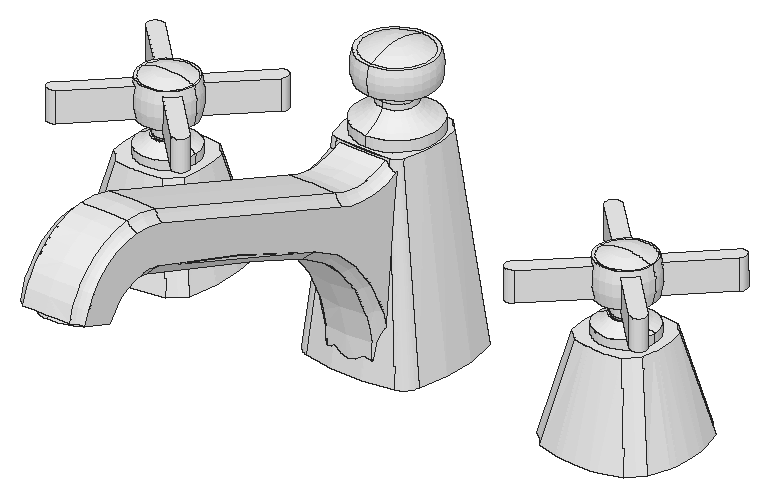
Revit family "Faucet-Bath_Deck-Mount_Traditional_Guinevere_TB970DD_TOTO", category Plumbing Fixtures, Revit 2013
Parameters (values of type "TB970DD")
  ecoScorecard_data = " "
  ecoScorecard Product Page = "  "
  Width [instance] = Handle Spread Distance + 2 3/4"  # 11 3/4"
  Water Connection Radius = Water Connection Diameter / 2  # 1/4"
  Water Connection Diameter = 1/2"
  Waste Connection Radius = 0"
  Waste Connection = no
  Warranty URL = "http://www.totousa.com/warranty-registration"
  Warranty = "Lifetime Limited Warranty (Residential Use); One Year (Oil Rubbed Bronze); One Year Limited (Commercial Use)"  # constant formula
  WFU = 0
  Voltage = 0 V
  Vent Connection = no
  URL = "http://www.totousa.com"
  Toto BIM Number = "BM-00205"  # constant formula
  Subcategory = "Faucets"  # constant formula
  Style = "Traditional"  # constant formula
  Spec Sheet URL = "http://assets.totousa.com/product-files/SS-00325_TB970DD.pdf"
  Sink Holes Applications = ""
  Shipping Weight = 12.00 lbf
  Series = "Guinevere"  # constant formula
  Sensor Detection Time = ""
  Sensor Detection Range = ""
  Sensor Activation Time = ""
  Product Page URL = " "
  Product Line = ""
  Parts Manual URL = " "
  Owners Manual URL = "  "
  Number of Poles = 1
  Mount Type = ""
  Model = "TB970DD"  # constant formula
  Method of Operation = ""
  Manufacturer Toll Free Phone = "1-888-295-8134"  # constant formula
  Manufacturer Phone = "(770) 282-8686"  # constant formula
  Manufacturer Fax = "(770) 282-0002"  # constant formula
  Manufacturer Email = "mailto:custservice@totousa.com"
  Manufacturer Address = "1155 Southern Road, Morrow, Georgia 30260"  # constant formula
  Manufacturer = "TOTO USA, Inc."  # constant formula
  Installation URL = " "
  Industry Standards = ""
  Hot Water Connection NPT Radius = Hot Water Connection Diameter / 2  # 1/4"
  Hot Water Connection Diameter = 1/2"
  Height = 5 1/2"  # constant formula
  Handle Spread Distance = 9"
  HWFU = 0
  HW Connection = yes
  Frequency = 0 Hz
  Flow Rate = 0 GPM
  Flow Pressure [instance] = 0.00 psi
  Finish = Metal - TOTO - Chrome - Polished
  Description = "Deck-Mount Bath Faucet"  # constant formula
  Depth = 10"  # constant formula
  Default Elevation = 48"
  Current = 0 A
  Cost Info = "mailto:custservice@totousa.com "
  Color Availability = "#CP Polished Chrome, #BN Brushed Nickel, #PN Polished Nickel, #RB Oil Rubbed Bronze"  # constant formula
  CWFU = 0
  CW Connection = yes
  CAD Drawing URL = "http://assets.totousa.com/product-files/AD-00001_TB970DD.dxf"
  Assembly Code = "D2010"
  Apparent Power = 0 VA
  ADA Compliant = no
  95 CSI = "15416"
  04 CSI = "22 41 39"
Reference planes
  plane 1 "Center (Front/Back)": y = 0
  plane 2: z = 0
  plane 3 "Center (Left/Right)": x = 0
  plane 4: x = 114.3
  plane 5: x = -114.3
  plane 6: y = 31.75
  plane 7: z = 96.5
  plane 8: y = -219.075
  plane 9: z = 45.55
  plane 10: z = 82.55
  plane 11: z = 70.55
  plane 12: z = 139.7
  plane 13: z = -3.175
  plane 14: z = 3.175
  plane 15: x = 149.225
  plane 16: x = 79.375
  plane 17: x = -149.225
  plane 18: x = -79.375
  plane 19: y = 34.925
  plane 20: y = -206.375
Dimensions and locks
  locked: plane 1 "Center (Front/Back)" to plane 6 at 31.75
  equal spacing: plane 5, plane 3 "Center (Left/Right)", plane 4
  "Handle Spread Distance": plane 5 to plane 4
  plane 8 to plane 6 = 9 7/8"
  "Height": plane 12 to plane 2
  locked: plane 2 to plane 13 at 3.175
  locked: plane 14 to plane 2 at 3.175
  plane 10 to plane 11 to plane 9 = 0.47244" locked, 0.98425" locked
  locked: plane 10 to plane 2 at 82.55
  locked: plane 1 "Center (Front/Back)" to plane 19 at 34.925
  plane 8 to plane 19 = 10"
  plane 17 to plane 5 to plane 18 = 1 3/8" locked, 1 3/8" locked
  plane 15 to plane 4 to plane 16 = 1 3/8" locked, 1 3/8" locked
  locked: plane 20 to plane 1 "Center (Front/Back)" at 206.375
  aligned and locked: plane 3 "Center (Left/Right)" to nested 1
  aligned and locked: plane 1 "Center (Front/Back)" to nested 1
  aligned and locked: nested 1 to plane 2
Nested families
  nested 1: "TB970DD" at (0, 0, 0), type "TB970DD"
    with Width 11 3/4", Flow Pressure 0.00 psi
Connectors
  piping at (-114.3, 0, -3.175), driven by "Flow Rate", driven by "Flow Pressure", driven by "HWFU", driven by "Hot Water Connection NPT Radius"
    settings: on nested 1, index 1, connector radius 1/4", flow factor 0, pipe flow 0 GPM, pressure drop 0.00 psi, fitting loss kfactor 0, connector angle 0.00°, fixture units 0, engagement length 0", flow configuration 3, flow direction 1, fitting loss method 4, system type 19, joint type 0, gender type 0, connector reference index -1, connector utility 0, adjustable connector no, is connector primary yes, fitting loss table "", connector description "Hot Water Inlet Connection"
  piping at (114.3, 0, -3.175), driven by "Flow Rate", driven by "CWFU", driven by "Flow Pressure", driven by "Water Connection Radius"
    settings: on nested 1, index 2, connector radius 1/4", flow factor 0, pipe flow 0 GPM, pressure drop 0.00 psi, fitting loss kfactor 0, connector angle 0.00°, fixture units 0, engagement length 0", flow configuration 3, flow direction 1, fitting loss method 4, system type 20, joint type 0, gender type 0, connector reference index -1, connector utility 0, adjustable connector no, is connector primary no, fitting loss table "", connector description "Cold Water Inlet Connection"
Definition of nested family "TB970DD"
  Parameters (values of type "TB970DD")
    ecoScorecard_data = ""
    ecoScorecard Product Page = ""
    Width [instance] = Handle Spread Distance + 2 3/4"  # 11 3/4"
    Water Connection Radius = Water Connection Diameter / 2  # 1/4"
    Water Connection Diameter = 1/2"
    Waste Connection Radius = 0"
    Waste Connection = no
    Warranty URL = "http://www.totousa.com/Support/WarrantyInformation.aspx"
    Warranty = "Lifetime Limited Warranty (Residential Use); One Year (Oil Rubbed Bronze); One Year Limited (Commercial Use)"  # constant formula
    WFU = 0
    Voltage = 0 V
    Vent Connection = no
    URL = "http://www.totousa.com"
    Toto BIM Number = "BM-00205"  # constant formula
    Subcategory = "Faucets"  # constant formula
    Style = "Traditional"  # constant formula
    Spec Sheet URL = "http://www.totousa.com/Portals/0/ProductDownloads/SS-00325_TB970DD.pdf"
    Sink Holes Applications = ""
    Shipping Weight = 12.00 lbf
    Series = "Guinevere"  # constant formula
    Sensor Detection Time = ""
    Sensor Detection Range = ""
    Sensor Activation Time = ""
    Product Page URL = "http://www.totousa.com/ProductDetail.aspx?ProductID=253"
    Product Line = ""
    Parts Manual URL = "http://www.totousa.com/Portals/0/ProductDownloads/PD-00091_TB970DD.pdf"
    Owners Manual URL = "http://www.totousa.com/Portals/0/ProductDownloads/0GU4069_GUINEVERE_DECK-MOUNTED_BATH_FAUCET_TRIM_Web_IM_OM.pdf"
    Number of Poles = 1
    Mount Type = ""
    Model = "TB970DD"  # constant formula
    Method of Operation = ""
    Manufacturer Toll Free Phone = "1-888-295-8134"  # constant formula
    Manufacturer Phone = "(770) 282-8686"  # constant formula
    Manufacturer Fax = "(770) 282-0002"  # constant formula
    Manufacturer Email = "mailto:custservice@totousa.com"
    Manufacturer Address = "1155 Southern Road, Morrow, Georgia 30260"  # constant formula
    Manufacturer = "TOTO USA, Inc."  # constant formula
    Installation URL = ""
    Industry Standards = ""
    Hot Water Connection NPT Radius = Hot Water Connection Diameter / 2  # 1/4"
    Hot Water Connection Diameter = 1/2"
    Height = 5 1/2"  # constant formula
    Handle Spread Distance = 9"
    HWFU = 0
    HW Connection = yes
    Frequency = 0 Hz
    Flow Rate = 0 GPM
    Flow Pressure [instance] = 0.00 psi
    Finish = Metal - TOTO - Chrome - Polished
    Description = "Deck-Mount Bath Faucet"  # constant formula
    Depth = 10"  # constant formula
    Default Elevation = 48"
    Current = 0 A
    Cost Info = "mailto:custservice@totousa.com "
    Color Availability = "#CP Polished Chrome, #BN Brushed Nickel, #PN Polished Nickel, #RB Oil Rubbed Bronze"  # constant formula
    CWFU = 0
    CW Connection = yes
    CAD Drawing URL = "http://www.totousa.com/Portals/0/ProductDownloads/AD-00001_TB970DD.dxf"
    Assembly Code = "D2010900"
    Apparent Power = 0 VA
    Ambient Temperature = ""
    ADA Compliant = no
  Reference planes
    plane 1 "Center (Front/Back)": y = 0
    plane 2: z = 0
    plane 3 "Center (Left/Right)": x = 0
    plane 4: x = 114.3
    plane 5: x = -114.3
    plane 6: y = 31.75
    plane 7: z = 96.5
    plane 8: y = -219.075
    plane 9: z = 45.55
    plane 10: z = 82.55
    plane 11: z = 70.55
    plane 12: z = 139.7
    plane 13: z = -3.175
    plane 14: z = 3.175
    plane 15: x = 149.225
    plane 16: x = 79.375
    plane 17: x = -149.225
    plane 18: x = -79.375
    plane 19: y = 34.925
    plane 20: y = -206.375
  Forms (mm)
    SweptBlend 1, solid, material "Metal - TOTO - Chrome - Polished" <- "Finish"
      path origin (0, 0, 0) x (0, 1, 0) y (0, 0, 1)
        loop
          line (0, 0) -> (0, 96.5)
      profile origin (0, 0, 0) x (0, -1, 0) y (1, 0, 0)
        loop
          arc (-21.841, -28.841) -> (-0.023, -31.75) -> (21.797, -28.853) r 83.453
          arc (21.797, -28.853) -> (26.266, -26.266) -> (28.853, -21.797) r 10.021
          arc (28.853, -21.797) -> (31.75, 0) -> (28.853, 21.797) r 83.453
          arc (28.853, 21.797) -> (26.266, 26.266) -> (21.797, 28.853) r 10.021
          arc (21.797, 28.853) -> (-0.023, 31.75) -> (-21.841, 28.841) r 83.453
          arc (-21.841, 28.841) -> (-25.019, 25.019) -> (-28.841, 21.841) r 27.1
          arc (-28.841, 21.841) -> (-31.75, 0) -> (-28.841, -21.841) r 83.453
          arc (-28.841, -21.841) -> (-25.019, -25.019) -> (-21.841, -28.841) r 27.1
      end profile origin (0, 0, 96.5) x (0, -1, 0) y (1, 0, 0)
        loop
          arc (-18.961, 12.576) -> (-20.35, 0) -> (-18.961, -12.576) r 57.65
          arc (-18.961, -12.576) -> (-15.492, -15.492) -> (-12.576, -18.961) r 26.2
          arc (-12.576, -18.961) -> (2.584, -20.292) -> (17.564, -17.609) r 57.65
          arc (17.564, -17.609) -> (19.923, -15.998) -> (21.015, -13.359) r 5
          arc (21.015, -13.359) -> (21.7, 0) -> (21.015, 13.359) r 130.508
          arc (21.015, 13.359) -> (19.923, 15.998) -> (17.564, 17.609) r 5
          arc (17.564, 17.609) -> (2.584, 20.292) -> (-12.576, 18.961) r 57.65
          arc (-12.576, 18.961) -> (-15.492, 15.492) -> (-18.961, 12.576) r 26.2
    Extrusion 2, solid, material "Metal - TOTO - Chrome - Polished" <- "Finish"
      sketch origin (0, 0, 0) x (0, 1, 0) y (0, 0, 1)
        loop
          line (0, 36.807) -> (-21.132, 96.106)
          arc (-21.132, 96.106) -> (-36.863, 91.937) -> (-52.829, 95.091) r 36.146
          arc (-52.829, 95.091) -> (-108.402, 118.02) -> (-165.283, 137.48) r 975.04
          arc (-165.283, 137.48) -> (-173.918, 139.327) -> (-182.743, 139.633) r 50.197
          arc (-182.743, 139.633) -> (-205.924, 130.541) -> (-219.075, 109.397) r 39.542
          line (-219.075, 109.397) -> (-193.675, 100.153)
          arc (-193.675, 100.153) -> (-183.737, 108.742) -> (-170.61, 109.215) r 19.788
          arc (-170.61, 109.215) -> (-121.723, 92.497) -> (-73.821, 73.135) r 946.465
          arc (-73.821, 73.135) -> (-41.262, 44.912) -> (-30.558, 3.175) r 72.253
          line (-30.558, 3.175) -> (-18.796, 1.646) -> (0, 36.807)
      from -16.2 to 16.2
    SweptBlend 3, solid, material "Metal - TOTO - Chrome - Polished" <- "Finish"
      path origin (-127, 0, 0) x (0, 1, 0) y (0, 0, 1)
        loop
          line (0, 0) -> (0, 45.55)
      profile origin (-127, 0, 0) x (0, -1, 0) y (1, 0, 0)
        loop
          arc (-27.744, -8.26) -> (-24.064, -11.364) -> (-20.96, -15.044) r 28.45
          arc (-20.96, -15.044) -> (0, -17.462) -> (20.96, -15.044) r 92.03
          arc (20.96, -15.044) -> (24.064, -11.364) -> (27.744, -8.26) r 28.45
          arc (27.744, -8.26) -> (30.163, 12.7) -> (27.744, 33.66) r 92.03
          arc (27.744, 33.66) -> (24.064, 36.764) -> (20.96, 40.444) r 28.45
          arc (20.96, 40.444) -> (0, 42.863) -> (-20.96, 40.444) r 92.03
          arc (-20.96, 40.444) -> (-24.064, 36.764) -> (-27.744, 33.66) r 28.45
          arc (-27.744, 33.66) -> (-30.162, 12.7) -> (-27.744, -8.26) r 92.03
      end profile origin (-127, 0, 45.55) x (0, -1, 0) y (1, 0, 0)
        loop
          arc (-17.619, 24.394) -> (-18.85, 12.7) -> (-17.619, 1.006) r 56.15
          arc (-17.619, 1.006) -> (-14.431, -1.731) -> (-11.694, -4.919) r 27.7
          arc (-11.694, -4.919) -> (0, -6.15) -> (11.694, -4.919) r 56.15
          arc (11.694, -4.919) -> (14.431, -1.731) -> (17.619, 1.006) r 27.7
          arc (17.619, 1.006) -> (18.85, 12.7) -> (17.619, 24.394) r 56.15
          arc (17.619, 24.394) -> (14.431, 27.131) -> (11.694, 30.319) r 27.7
          arc (11.694, 30.319) -> (0, 31.55) -> (-11.694, 30.319) r 56.15
          arc (-11.694, 30.319) -> (-14.431, 27.131) -> (-17.619, 24.394) r 27.7
    SweptBlend 4, solid, material "Metal - TOTO - Chrome - Polished" <- "Finish"
      path origin (127, 0, 0) x (0, 1, 0) y (0, 0, 1)
        loop
          line (0, 0) -> (0, 45.55)
      profile origin (127, 0, 0) x (0, -1, 0) y (1, 0, 0)
        loop
          arc (-27.744, 8.26) -> (-31.85, -12.7) -> (-27.744, -33.66) r 55.55
          arc (-27.744, -33.66) -> (-24.064, -36.764) -> (-20.96, -40.444) r 28.45
          arc (-20.96, -40.444) -> (0, -44.55) -> (20.96, -40.444) r 55.55
          arc (20.96, -40.444) -> (24.064, -36.764) -> (27.744, -33.66) r 28.45
          arc (27.744, -33.66) -> (31.85, -12.7) -> (27.744, 8.26) r 55.55
          arc (27.744, 8.26) -> (24.064, 11.364) -> (20.96, 15.044) r 28.45
          arc (20.96, 15.044) -> (0, 19.15) -> (-20.96, 15.044) r 55.55
          arc (-20.96, 15.044) -> (-24.064, 11.364) -> (-27.744, 8.26) r 28.45
      end profile origin (127, 0, 45.55) x (0, -1, 0) y (1, 0, 0)
        loop
          arc (-17.619, -1.006) -> (-18.85, -12.7) -> (-17.619, -24.394) r 56.15
          arc (-17.619, -24.394) -> (-14.431, -27.131) -> (-11.694, -30.319) r 27.7
          arc (-11.694, -30.319) -> (0, -31.55) -> (11.694, -30.319) r 56.15
          arc (11.694, -30.319) -> (14.431, -27.131) -> (17.619, -24.394) r 27.7
          arc (17.619, -24.394) -> (18.85, -12.7) -> (17.619, -1.006) r 56.15
          arc (17.619, -1.006) -> (14.431, 1.731) -> (11.694, 4.919) r 27.7
          arc (11.694, 4.919) -> (0, 6.15) -> (-11.694, 4.919) r 56.15
          arc (-11.694, 4.919) -> (-14.431, 1.731) -> (-17.619, -1.006) r 27.7
    Extrusion 5, solid, material "Metal - TOTO - Chrome - Polished" <- "Finish"
      sketch origin (0, 397.728, 70.55) x (0, 1, 0) y (-1, 0, 0)
        loop
          line (-392.495, -114.3) -> (-363.891, -85.696)
          arc (-363.891, -85.696) -> (-363.891, -80.464) -> (-369.124, -80.464) r 3.7
          line (-369.124, -80.464) -> (-397.728, -109.067) -> (-426.331, -80.464)
          arc (-426.331, -80.464) -> (-431.564, -80.464) -> (-431.564, -85.696) r 3.7
          line (-431.564, -85.696) -> (-402.96, -114.3) -> (-431.564, -142.904)
          arc (-431.564, -142.904) -> (-431.564, -148.136) -> (-426.331, -148.136) r 3.7
          line (-426.331, -148.136) -> (-397.728, -119.533) -> (-369.124, -148.136)
          arc (-369.124, -148.136) -> (-363.891, -148.136) -> (-363.891, -142.904) r 3.7
          line (-363.891, -142.904) -> (-392.495, -114.3)
        loop
          line (-392.495, 114.3) -> (-363.891, 142.904)
          arc (-363.891, 142.904) -> (-363.891, 148.136) -> (-369.124, 148.136) r 3.7
          line (-369.124, 148.136) -> (-397.728, 119.533) -> (-426.331, 148.136)
          arc (-426.331, 148.136) -> (-431.564, 148.136) -> (-431.564, 142.904) r 3.7
          line (-431.564, 142.904) -> (-402.96, 114.3) -> (-431.564, 85.696)
          arc (-431.564, 85.696) -> (-431.564, 80.464) -> (-426.331, 80.464) r 3.7
          line (-426.331, 80.464) -> (-397.728, 109.067) -> (-369.124, 80.464)
          arc (-369.124, 80.464) -> (-363.891, 80.464) -> (-363.891, 85.696) r 3.7
          line (-363.891, 85.696) -> (-392.495, 114.3)
      from -7.35 to 7.35
    Revolve 6, solid, material "Metal - TOTO - Chrome - Polished" <- "Finish"
      sketch origin (0, 0, 0) x (1, 0, 0) y (0, 0, 1)
        loop
          line (-114.3, 45.55) -> (-114.3, 82.55)
          arc (-114.3, 82.55) -> (-120.576, 81.919) -> (-126.6, 80.05) r 31.508
          line (-126.6, 80.05) -> (-127.7, 80.05)
          arc (-127.7, 80.05) -> (-128.974, 71.4) -> (-127.7, 62.75) r 30.002
          line (-127.7, 62.75) -> (-120.75, 62.75) -> (-120.75, 54.996)
          arc (-120.75, 54.996) -> (-120.633, 54.427) -> (-120.3, 53.95) r 1.44
          line (-120.3, 53.95) -> (-121.35, 53.95)
          arc (-121.35, 53.95) -> (-124.709, 51.527) -> (-128.45, 49.75) r 22.867
          line (-128.45, 49.75) -> (-128.45, 45.55) -> (-114.3, 45.55)
        axis (-114.3, 45.55) -> (-114.3, 82.55)
      angle from 0 to 360
    Revolve 7, solid, material "Metal - TOTO - Chrome - Polished" <- "Finish"
      sketch origin (254, 0, 0) x (1, 0, 0) y (0, 0, 1)
        loop
          line (-139.7, 45.55) -> (-139.7, 82.55)
          arc (-139.7, 82.55) -> (-145.976, 81.919) -> (-152, 80.05) r 31.508
          line (-152, 80.05) -> (-153.1, 80.05)
          arc (-153.1, 80.05) -> (-154.374, 71.4) -> (-153.1, 62.75) r 30.002
          line (-153.1, 62.75) -> (-146.15, 62.75) -> (-146.15, 54.996)
          arc (-146.15, 54.996) -> (-146.033, 54.427) -> (-145.7, 53.95) r 1.44
          line (-145.7, 53.95) -> (-146.75, 53.95)
          arc (-146.75, 53.95) -> (-150.109, 51.527) -> (-153.85, 49.75) r 22.867
          line (-153.85, 49.75) -> (-153.85, 45.55) -> (-139.7, 45.55)
        axis (-139.7, 45.55) -> (-139.7, 82.55)
      angle from 0 to 360
    Revolve 8, solid, material "Metal - TOTO - Chrome - Polished" <- "Finish"
      sketch origin (0, 0, 0) x (0, 1, 0) y (0, 0, 1)
        loop
          line (0, 96.5) -> (0, 135.854)
          arc (0, 135.854) -> (-8.057, 134.88) -> (-15.65, 132.012) r 33.798
          line (-15.65, 132.012) -> (-17.45, 132.012)
          arc (-17.45, 132.012) -> (-18.6, 125.212) -> (-17.45, 118.412) r 20.679
          line (-17.45, 118.412) -> (-14.4, 118.412)
          arc (-14.4, 118.412) -> (-10.423, 116.322) -> (-8.85, 112.112) r 6.3
          line (-8.85, 112.112) -> (-8.85, 109.4)
          arc (-8.85, 109.4) -> (-13.485, 104.711) -> (-19.35, 101.7) r 20.9
          line (-19.35, 101.7) -> (-19.35, 96.5) -> (0, 96.5)
        axis (0, 96.5) -> (0, 135.854)
      angle from 0 to 360
    Extrusion 9, solid, material "Metal - TOTO - Chrome - Polished" <- "Finish"
      sketch origin (0, 397.728, -3.175) x (0, 1, 0) y (-1, 0, 0)
        loop
          circle (-397.728, 114.3) r 6.35
        loop
          circle (-397.728, -114.3) r 6.35
      from 0 to 3.175
    Extrusion 10, solid, material "Metal - TOTO - Chrome - Polished"
      sketch origin (0, -220.47, 109.905) x (0, -0.939693, 0.34202) y (-1, 0, 0)
        loop
          circle (-15, 0) r 11.103
        loop
          circle (-15, 0) r 7.915
      from 0 to 2.122
    Sweep 11, void
      path origin (0, 0, 0) x (0, 1, 0) y (0, 0, 1)
        loop
          arc (-19.707, 96.9) -> (-36.048, 91.972) -> (-52.829, 95.091) r 36.146
          arc (-52.829, 95.091) -> (-108.402, 118.02) -> (-165.283, 137.48) r 975.04
          arc (-165.283, 137.48) -> (-173.918, 139.327) -> (-182.743, 139.633) r 50.197
          arc (-182.743, 139.633) -> (-207.161, 129.468) -> (-219.709, 106.184) r 39.542
      profile origin (0, -36.048, 91.972) x (0, 0.054526, -0.998512) y (1, 0, 0)
        loop
          arc (0.438, 11.5) -> (2.878, 13.558) -> (4.67, 16.2) r 11.688
          line (4.67, 16.2) -> (-4.355, 16.2) -> (-4.355, -16.2) -> (4.67, -16.2)
          arc (4.67, -16.2) -> (2.878, -13.558) -> (0.438, -11.5) r 11.688
          spline (0.438, -11.5) -> (0.312, -9.599) -> (0.209, -7.69) -> (0.128, -5.774) -> (0.071, -3.852) -> (0.036, -1.927) -> (0.025, 0) -> (0.036, 1.927) -> (0.071, 3.852) -> (0.128, 5.774) -> (0.209, 7.69) -> (0.312, 9.599) -> (0.438, 11.5)
    Sweep 12, void
      path origin (0, 0, 0) x (0, 1, 0) y (0, 0, 1)
        loop
          arc (-195.392, 96.214) -> (-185.694, 107.847) -> (-170.61, 109.215) r 19.788
          arc (-170.61, 109.215) -> (-121.723, 92.497) -> (-73.821, 73.135) r 946.465
          arc (-73.821, 73.135) -> (-40.041, 42.863) -> (-30.962, -1.579) r 72.253
      profile origin (0, -185.694, 107.847) x (0, -0.464598, 0.885522) y (1, 0, 0)
        loop
          spline (1.114, -11.499) -> (0.794, -9.604) -> (0.532, -7.697) -> (0.328, -5.781) -> (0.182, -3.858) -> (0.095, -1.93) -> (0.065, 0) -> (0.094, 1.93) -> (0.182, 3.857) -> (0.328, 5.78) -> (0.532, 7.696) -> (0.793, 9.603) -> (1.113, 11.499)
          arc (1.113, 11.499) -> (3.684, 13.629) -> (5.814, 16.2) r 17.884
          line (5.814, 16.2) -> (-6.935, 16.2) -> (-6.935, -16.2) -> (5.814, -16.2)
          arc (5.814, -16.2) -> (3.684, -13.629) -> (1.114, -11.499) r 17.884
  Cuts and joins
    Sweep 11, Sweep 12 cuts Extrusion 2
  Dimensions and locks
    locked: plane 1 "Center (Front/Back)" to plane 6 at 31.75
    equal spacing: plane 5, plane 3 "Center (Left/Right)", plane 4
    "Handle Spread Distance": plane 5 to plane 4
    plane 8 to plane 6 = 9 7/8"
    SweptBlend 3 sketch curve to SweptBlend 3 sketch curve to plane 1 "Center (Front/Back)" to SweptBlend 3 sketch curve = 0.26706" locked, 0.82521" locked, 1.09228"  (x2)
    SweptBlend 3 sketch curve to plane 5 to SweptBlend 3 sketch curve = 0.82521" locked, 0.82521" locked
    SweptBlend 3 sketch curve to SweptBlend 3 sketch curve to plane 5 to SweptBlend 3 sketch curve to SweptBlend 3 sketch curve = 0.26706" locked, 0.82521" locked, 0.82521" locked, 0.26706" locked
    SweptBlend 3 sketch curve to SweptBlend 3 sketch curve to plane 5 to SweptBlend 3 sketch curve to SweptBlend 3 sketch curve = 0.23325" locked, 0.4604" locked, 0.4604" locked, 0.23325" locked  (x2)
    SweptBlend 3 sketch curve to SweptBlend 3 sketch curve to plane 1 "Center (Front/Back)" to SweptBlend 3 sketch curve to SweptBlend 3 sketch curve = 0.23325" locked, 0.4604" locked, 0.4604" locked, 0.23325" locked  (x2)
    SweptBlend 4 sketch curve to SweptBlend 4 sketch curve to plane 1 "Center (Front/Back)" to SweptBlend 4 sketch curve to SweptBlend 4 sketch curve = 0.26706" locked, 0.82521" locked, 0.82521" locked, 0.26706" locked  (x2)
    SweptBlend 4 sketch curve to SweptBlend 4 sketch curve to plane 4 to SweptBlend 4 sketch curve to SweptBlend 4 sketch curve = 0.26706" locked, 0.82521" locked, 0.82521" locked, 0.26706" locked  (x2)
    SweptBlend 4 sketch curve to SweptBlend 4 sketch curve to plane 4 to SweptBlend 4 sketch curve to SweptBlend 4 sketch curve = 0.23325" locked, 0.4604" locked, 0.4604" locked, 0.23325" locked  (x2)
    SweptBlend 4 sketch curve to SweptBlend 4 sketch curve to plane 1 "Center (Front/Back)" to SweptBlend 4 sketch curve to SweptBlend 4 sketch curve = 0.23325" locked, 0.4604" locked, 0.4604" locked, 0.23325" locked  (x2)
    SweptBlend 1 sketch curve to SweptBlend 1 sketch curve to plane 3 "Center (Left/Right)" to SweptBlend 1 sketch curve to SweptBlend 1 sketch curve = 0.25138" locked, 0.49514" locked, 0.49514" locked, 0.25138" locked
    SweptBlend 1 sketch curve to SweptBlend 1 sketch curve to plane 3 "Center (Left/Right)" to SweptBlend 1 sketch curve to SweptBlend 1 sketch curve = 0.16734" locked, 0.52593" locked, 0.52593" locked, 0.16734" locked
    SweptBlend 1 sketch curve to SweptBlend 1 sketch curve to plane 1 "Center (Front/Back)" to SweptBlend 1 sketch curve to SweptBlend 1 sketch curve = 0.13584" locked, 0.6915" locked, 0.49514" locked, 0.25138" locked  (x2)
    Extrusion 2 sketch curve to Extrusion 2 sketch curve to Extrusion 2 sketch curve to Extrusion 2 sketch curve to Extrusion 2 sketch curve to plane 1 "Center (Front/Back)" = 1.4304" locked, 0.68739" locked, 4.42735" locked, 1.24791" locked, 0.83195" locked
    Extrusion 2 sketch curve to Extrusion 2 sketch curve to Extrusion 2 sketch curve to Extrusion 2 sketch curve to plane 1 "Center (Front/Back)" to Extrusion 2 sketch curve = 0.90806" locked, 5.51387" locked, 0.46308" locked, 0.74" locked, 0" locked
    Extrusion 2 sketch curve to Extrusion 2 sketch curve to Extrusion 2 sketch curve to Extrusion 2 sketch curve to Extrusion 2 sketch curve to plane 2 = 0.35681" locked, 2.49391" locked, 1.3241" locked, 0.0602" locked, 0.0648" locked
    Extrusion 2 sketch curve to Extrusion 2 sketch curve to Extrusion 2 sketch curve to Extrusion 2 sketch curve to Extrusion 2 sketch curve to plane 2 = 0.08475" locked, 1.10562" locked, 0.52329" locked, 0.03993" locked, 3.74376" locked
    Revolve 6 sketch curve to Revolve 6 sketch curve to Revolve 6 sketch curve to Revolve 6 sketch curve to Revolve 6 sketch curve to Revolve 6 sketch curve to plane 9 = 0.09843" locked, 0.6811" locked, 0.30529" locked, 0.04117" locked, 0.16535" locked, 0.16535" locked
    Revolve 6 sketch curve to Revolve 6 sketch curve to Revolve 6 sketch curve to Revolve 6 sketch curve to Revolve 6 sketch curve to Revolve 6 sketch curve = 0.23622" locked, 0.01772" locked, 0.02362" locked, 1/4" locked, 0.02953" locked
    Revolve 6 sketch curve to Revolve 6 sketch curve to Revolve 6 sketch curve to Revolve 6 sketch curve = 0" locked, 0.48425" locked, 0.04331" locked
    Revolve 7 sketch curve to Revolve 7 sketch curve to Revolve 7 sketch curve to Revolve 7 sketch curve to Revolve 7 sketch curve to Revolve 7 sketch curve to plane 9 = 0.09843" locked, 0.6811" locked, 0.30529" locked, 0.04117" locked, 0.16535" locked, 0.16535" locked
    Revolve 7 sketch curve to Revolve 7 sketch curve to Revolve 7 sketch curve to Revolve 7 sketch curve to Revolve 7 sketch curve to Revolve 7 sketch curve = 0.23622" locked, 0.01772" locked, 0.02362" locked, 1/4" locked, 0.02953" locked
    Revolve 7 sketch curve to Revolve 7 sketch curve to Revolve 7 sketch curve to Revolve 7 sketch curve = 0" locked, 0.48425" locked, 0.04331" locked
    Revolve 8 sketch curve to Revolve 8 sketch curve to Revolve 8 sketch curve to Revolve 8 sketch curve to Revolve 8 sketch curve = 0.0748" locked, 0.12008" locked, 0.2185" locked, 0.34843" locked
    Revolve 8 sketch curve to Revolve 8 sketch curve to Revolve 8 sketch curve = 0.68701" locked, 0" locked
    Revolve 8 sketch curve to Revolve 8 sketch curve to Revolve 8 sketch curve to Revolve 8 sketch curve to Revolve 8 sketch curve to Revolve 8 sketch curve to plane 7 = 0.15125" locked, 0.53543" locked, 0.24803" locked, 0.10679" locked, 0.30315" locked, 0.20472" locked
    "Height": plane 12 to plane 2
    Extrusion 5 sketch curve to Extrusion 5 sketch curve to Extrusion 5 sketch curve to plane 5 to Extrusion 5 sketch curve to Extrusion 5 sketch curve to Extrusion 5 sketch curve = 0.20601" locked, 0.92013" locked, 0.20601" locked, 0.20601" locked, 0.92013" locked, 0.20601" locked
    Extrusion 5 sketch curve to Extrusion 5 sketch curve to Extrusion 5 sketch curve to plane 4 to Extrusion 5 sketch curve to Extrusion 5 sketch curve to Extrusion 5 sketch curve = 0.20601" locked, 0.92013" locked, 0.20601" locked, 0.20601" locked, 0.92013" locked, 0.20601" locked
    Extrusion 5 sketch curve to Extrusion 5 sketch curve to plane 5 to Extrusion 5 sketch curve to Extrusion 5 sketch curve = 0.20601" locked, 1.12614" locked, 1.12614" locked, 0.20601" locked
    Extrusion 5 sketch curve to Extrusion 5 sketch curve to plane 4 to Extrusion 5 sketch curve to Extrusion 5 sketch curve = 0.20601" locked, 1.12614" locked, 1.12614" locked, 0.20601" locked
    Extrusion 5 sketch curve to Extrusion 5 sketch curve to Extrusion 5 sketch curve to plane 1 "Center (Front/Back)" to Extrusion 5 sketch curve to Extrusion 5 sketch curve to Extrusion 5 sketch curve = 0.20601" locked, 0.92013" locked, 0.20601" locked, 0.20601" locked, 0.92013" locked, 0.20601" locked  (x2)
    Extrusion 5 sketch curve to Extrusion 5 sketch curve to plane 1 "Center (Front/Back)" to Extrusion 5 sketch curve to Extrusion 5 sketch curve = 0.20601" locked, 1.12614" locked, 1.12614" locked, 0.20601" locked  (x2)
    locked: plane 2 to plane 13 at 3.175
    locked: plane 5 to Extrusion 9 sketch curve at 0
    locked: plane 1 "Center (Front/Back)" to Extrusion 9 sketch curve at 0  (x2)
    locked: plane 4 to Extrusion 9 sketch curve at 0
    locked: plane 14 to plane 2 at 3.175
    equal spacing: Extrusion 5, plane 11, Extrusion 5
    locked: Extrusion 5 to Extrusion 5 at 14.7
    locked: plane 10 to Extrusion 5 at 19.35
    plane 10 to plane 11 to plane 9 = 0.47244" locked, 0.98425" locked
    locked: plane 10 to plane 2 at 82.55
    locked: plane 1 "Center (Front/Back)" to plane 19 at 34.925
    plane 8 to plane 19 = 10"
    plane 17 to plane 5 to plane 18 = 1 3/8" locked, 1 3/8" locked
    plane 15 to plane 4 to plane 16 = 1 3/8" locked, 1 3/8" locked
    locked: Extrusion 10 to cut or joined group of Extrusion 2, Sweep 11, Sweep 12 at 2.122
    locked: Extrusion 10 to plane 7 at 10.078
    locked: Extrusion 10 to plane 7 at 2.483
    locked: plane 8 to Extrusion 10 at 1.541
    locked: plane 8 to Extrusion 10 at 22.407
    locked: plane 20 to plane 1 "Center (Front/Back)" at 206.375
    SweptBlend 1 sketch curve to SweptBlend 1 sketch curve to plane 1 "Center (Front/Back)" to SweptBlend 1 sketch curve to SweptBlend 1 sketch curve = 0.27779" locked, 0.85816" locked, 0.85988" locked, 0.2756" locked  (x2)
    SweptBlend 1 sketch curve to SweptBlend 1 sketch curve to plane 3 "Center (Left/Right)" to SweptBlend 1 sketch curve to SweptBlend 1 sketch curve = 0.2756" locked, 0.85988" locked, 0.85988" locked, 0.2756" locked
    SweptBlend 1 sketch curve to SweptBlend 1 sketch curve to plane 3 "Center (Left/Right)" to SweptBlend 1 sketch curve to SweptBlend 1 sketch curve = 0.27779" locked, 0.85816" locked, 0.85816" locked, 0.27779" locked
    Sweep 11 sketch curve to Sweep 11 sketch curve to Sweep 11 sketch curve to Sweep 11 sketch curve to Sweep 11 sketch curve to plane 1 "Center (Front/Back)" = 1.45534" locked, 0.68739" locked, 4.42735" locked, 1.304" locked, 0.77587" locked
    Sweep 11 sketch curve to Sweep 11 sketch curve to Sweep 11 sketch curve to Sweep 11 sketch curve to Sweep 11 sketch curve to plane 2 = 0.08475" locked, 1.23213" locked, 0.36552" locked, 0.07121" locked, 3.74376" locked
    Sweep 11 sketch curve to Sweep 11 sketch curve to plane 3 "Center (Left/Right)" to Sweep 11 sketch curve to Sweep 11 sketch curve = 0.18504" locked, 0.45276" locked, 0.45276" locked, 0.18504" locked
    Sweep 11 sketch curve to Sweep 11 sketch curve to Sweep 11 sketch curve to plane 2 = 0.18839" locked, 0.16636" locked, 3.43738" locked
    SweptBlend 1 to Sweep 11 sketch curve to Sweep 11 sketch curve = 0.19547" locked, 0.16636" locked
    Sweep 12 sketch curve to Sweep 12 sketch curve to Sweep 12 sketch curve to Sweep 12 sketch curve to plane 1 "Center (Front/Back)" = 0.97564" locked, 3.81062" locked, 1.68734" locked, 1.21897" locked
    Sweep 12 sketch curve to Sweep 12 sketch curve to Sweep 12 sketch curve to plane 2 to Sweep 12 sketch curve = 0.51188" locked, 0.9086" locked, 2.87934" locked, 0.06217" locked
    Sweep 12 sketch curve to Sweep 12 sketch curve to Sweep 12 sketch curve to plane 2 = 0.16387" locked, 0.28062" locked, 4.00416" locked
    Sweep 12 sketch curve to Sweep 12 sketch curve to plane 3 "Center (Left/Right)" to Sweep 12 sketch curve to Sweep 12 sketch curve = 0.18509" locked, 0.4527" locked, 0.45273" locked, 0.18507" locked
    Sweep 12 sketch curve to Sweep 12 sketch curve to plane 2 = 0.1639" locked, 4.28474" locked
    locked: plane 3 "Center (Left/Right)" to Extrusion 10 sketch curve at 0  (x2)
    radius of SweptBlend 3 sketch curve = 1.12008"  (x4)
    radius of SweptBlend 3 sketch curve = 1.09055"  (x4)
    radius of SweptBlend 3 sketch curve = 2.21063"  (x4)
    radius of SweptBlend 4 sketch curve = 1.12008"  (x4)
    radius of SweptBlend 4 sketch curve = 2.18701"  (x4)
    radius of SweptBlend 4 sketch curve = 1.09055"  (x4)
    radius of SweptBlend 4 sketch curve = 2.21063"  (x4)
    radius of SweptBlend 1 sketch curve = 1.06693"  (x2)
    radius of SweptBlend 1 sketch curve = 1.0315"  (x2)
    radius of SweptBlend 1 sketch curve = 2.26969"  (x3)
    radius of SweptBlend 1 sketch curve = 0.19685"  (x2)
    radius of SweptBlend 1 sketch curve = 5.13812"
    radius of Revolve 6 sketch curve = 1.24047"
    radius of Revolve 6 sketch curve = 1.18116"
    radius of Revolve 6 sketch curve = 0.90027"
    radius of Revolve 6 sketch curve = 0.05669"
    radius of Revolve 7 sketch curve = 1.24047"
    radius of Revolve 7 sketch curve = 1.18116"
    radius of Revolve 7 sketch curve = 0.90027"
    radius of Revolve 7 sketch curve = 0.05669"
    radius of Revolve 8 sketch curve = 0.81415"
    radius of Revolve 8 sketch curve = 0.24803"
    radius of Revolve 8 sketch curve = 0.82283"
    radius of Extrusion 5 sketch curve = 0.14567"  (x8)
    locked: Extrusion 9 sketch curve to Extrusion 9 sketch curve (radius 1/4")  (x2)
    radius of SweptBlend 3 sketch curve = 3.62325"  (x3)
    radius of Extrusion 2 sketch curve = 1.55679"
    radius of Extrusion 2 sketch curve = 0.77907"
    radius of Extrusion 2 sketch curve = 38.3874"
    radius of Extrusion 2 sketch curve = 37.2624"
    radius of Extrusion 2 sketch curve = 1.97628"
    radius of Extrusion 2 sketch curve = 1.42308"
    radius of Revolve 8 sketch curve = 1.33064"
    radius of SweptBlend 1 sketch curve = 3.28556"  (x4)
    radius of SweptBlend 1 sketch curve = 101/256"  (x2)
    radius of Extrusion 2 sketch curve = 2.84462"
    radius of Sweep 11 sketch curve = 1.55679"
    radius of Sweep 11 sketch curve = 38.3874"
    radius of Sweep 11 sketch curve = 1.97628"
    radius of Sweep 11 sketch curve = 1.42308"
    radius of Sweep 12 sketch curve = 0.77907"
    radius of Sweep 12 sketch curve = 37.2624"
    radius of Sweep 12 sketch curve = 2.84462"
    aligned and locked: SweptBlend 1 sketch curve to plane 1 "Center (Front/Back)"
    aligned and locked: plane 2 to SweptBlend 1 sketch curve
    aligned and locked: plane 7 to SweptBlend 1 sketch curve
    aligned and locked: plane 2 to SweptBlend 3 sketch curve
    aligned and locked: plane 9 to SweptBlend 3 sketch curve
    aligned and locked: plane 2 to SweptBlend 4 sketch curve
    aligned and locked: plane 9 to SweptBlend 4 sketch curve
    aligned and locked: Revolve 6 sketch curve to plane 5
    aligned and locked: plane 9 to Revolve 6 sketch curve
    aligned and locked: plane 4 to Revolve 7 sketch curve
    aligned and locked: plane 9 to Revolve 7 sketch curve
    aligned and locked: plane 1 "Center (Front/Back)" to Revolve 8 sketch curve
    aligned and locked: Revolve 8 sketch curve to Revolve 8 sketch curve
    aligned and locked: plane 7 to Revolve 8 sketch curve
    aligned and locked: Extrusion 9 to plane 13
    aligned and locked: plane 2 to Extrusion 9
    aligned and locked: Extrusion 10 to cut or joined group of Extrusion 2, Sweep 11, Sweep 12
    aligned and locked: cut or joined group of Extrusion 2, Sweep 11, Sweep 12 to cut or joined group of Extrusion 2, Sweep 11, Sweep 12
  Automatic sketch dimensions
    SweptBlend 3 sketch curve to plane 1 "Center (Front/Back)" = 0"
    SweptBlend 3 sketch curve to profile plane = 0"  (x2)
    SweptBlend 3 sketch curve to SweptBlend 3 sketch curve = 0.64715"  (x2)
    SweptBlend 3 sketch curve to SweptBlend 3 sketch curve = 1.34347"
    SweptBlend 4 sketch curve to plane 1 "Center (Front/Back)" = 0"
    Revolve 6 sketch curve to Revolve 6 sketch curve = 0.19685"
    Revolve 6 sketch curve to Revolve 6 sketch curve = 0.59055"
    Revolve 7 sketch curve to Revolve 7 sketch curve = 0.19685"
    Revolve 7 sketch curve to Revolve 7 sketch curve = 0.59055"
    Sweep 11 sketch curve to plane 3 "Center (Left/Right)" = 0"
    profile plane to Sweep 11 sketch curve = 0.22867"
    profile plane to Sweep 11 sketch curve = 0.17144"
    Sweep 11 sketch curve to profile plane = 0.01723"
    Sweep 11 sketch curve to profile plane = 0.18384"  (x2)
    Sweep 11 sketch curve to profile plane = 0.98914"
    Sweep 11 sketch curve to Sweep 11 sketch curve = 0.2039"
    Sweep 11 sketch curve to Sweep 11 sketch curve = 1.8689"
    profile plane to Sweep 12 sketch curve = 0.35284"  (x2)
    Sweep 12 sketch curve to profile plane = 0.04381"
    Sweep 12 sketch curve to profile plane = 0.04385"
    profile plane to Sweep 12 sketch curve = 0.27305"
    Sweep 12 sketch curve to Sweep 12 sketch curve = 0.50195"
    Sweep 12 sketch curve to profile plane = 0.22891"
    profile plane to Sweep 12 sketch curve = 0.00009"
    Sweep 12 sketch curve to Sweep 12 sketch curve = 1.69105"
    Sweep 12 sketch curve to profile plane = 0.45273"
    Sweep 12 sketch curve to Sweep 12 sketch curve = 0.18507"
    Sweep 12 sketch curve to profile plane = 2.19386"
    Sweep 12 sketch curve to Sweep 12 sketch curve = 0.18509"
    Sweep 12 sketch curve to Sweep 12 sketch curve = 0"
    Extrusion 2 sketch curve to Extrusion 2 sketch curve = 0"
    Extrusion 2 sketch curve to plane 8 = 0"
    Extrusion 2 sketch curve to plane 14 = 0.14708"
    plane 1 "Center (Front/Back)" to Extrusion 5 sketch curve = 0"  (x4)
    Extrusion 5 sketch curve to plane 4 = 0"  (x2)
    Extrusion 5 sketch curve to plane 5 = 0"  (x2)
    Extrusion 5 sketch curve to Extrusion 5 sketch curve = 0.103"  (x4)
    plane 6 to Extrusion 5 sketch curve = 0.02086"  (x4)
    Revolve 8 sketch curve to plane 7 = 0.19685"
    Revolve 8 sketch curve to plane 10 = 0.06299"
    Extrusion 10 sketch curve to Extrusion 10 sketch curve = 0"  (x2)
    radius of Extrusion 10 sketch curve = 0.43712"
    radius of Extrusion 10 sketch curve = 0.31163"
